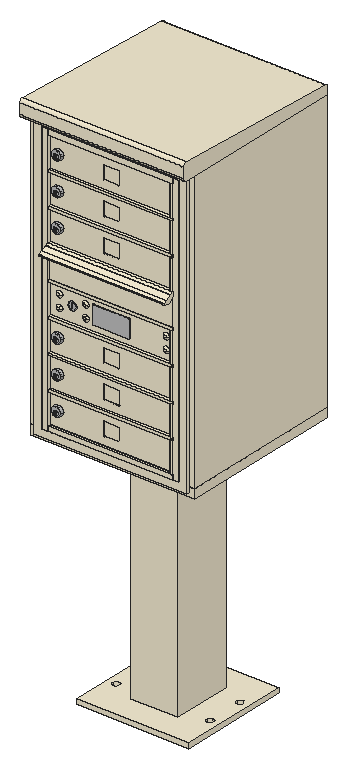
Revit family "Mailboxes_4C-Salsbury_Industries-Pedestal_Mounted-8_Door_High_Units", category Specialty Equipment, Revit 2016
Family settings
  Part Type = Normal
  Round Connector Dimension = Use Diameter
  OmniClass Number = 23.40.90.14.11
  OmniClass Title = Mail Boxes
  Work Plane-Based = No
  Always vertical = Yes
  Cut with Voids When Loaded = No
  Shared = No
  Room Calculation Point = No
Parameters (values of type "3408S-06")
  Width = 17.496"
  Visible Door Number [instance] = yes
  Version = "1.0 (06/30/17)"
  URL = "www.mailboxes.com"
  Type Comments = "Pedestal Mounted 4C Horizontal Mailboxes - Front Loading"
  OmniClass 23 Title = "Mail Boxes"
  OmniClass 23 Number = "23.40.90.14.11"
  Model = "3408S-06"
  MasterFormat Title = "Postal Specialties"
  MasterFormat Number = "10 55 00"
  Manufacturer = "Salsbury Industries"
  Lock Material = Stainless Steel - Salsbury Finish -  Polished
  Height = 58.625"
  Front Panel Material [instance] = Paint - Salsbury Finish - Sandstone
  Pedestal Height = 26.000"
  Door Slot R8 Number [instance] = "6"
  Door Slot R7 Number [instance] = "5"
  Door Slot R6 Number [instance] = "4"
  Door Slot R5 Number [instance] = "0"
  Door Slot R4 Number [instance] = "0"
  Door Slot R3 Number [instance] = "3"
  Door Slot R2 Number [instance] = "2"
  Door Slot R1 Number [instance] = "1"
  Door Slot L8 Number [instance] = "0"
  Door Slot L7 Number [instance] = "0"
  Door Slot L6 Number [instance] = "0"
  Door Slot L5 Number [instance] = "0"
  Door Slot L4 Number [instance] = "0"
  Door Slot L3 Number [instance] = "0"
  Door Slot L2 Number [instance] = "0"
  Door Slot L1 Number [instance] = "0"
  Description = "8 Door High Unit:  6 MB1, OM2"
  Depth = 19.000"
  Assembly Description = "Mailboxes"
  Assembly Code = "C1030910"
  4C Unit Height = 30.500"
  4C Unit Elevation = 26.375"
  4C Unit = Mailboxes_4C-Salsbury_Industries-Front_Load-8_Door_High_Units : 3708S-06 FL
Reference planes (in)
  plane 1 "Center (Front/Back)": y = 0
  plane 2 "Bottom of Unit": z = 0
  plane 3 "Center (Left/Right)": x = 0
  plane 4 "Left Side of Unit": x = 8.748
  plane 5 "Right Side of Unit": x = -8.748
  plane 6 "Front of Unit": y = -9.5
  plane 7 "Back of Unit": y = 9.5
  plane 8: z = 29.3125
  plane 9 "Top of Unit": z = 58.625
  plane 10 "Top Trim Line of Enclosure": z = 56.875
  plane 11 "Left Trim Line of Enclosure": x = 7.6855
  plane 12 "Right Trim Line of Enclosure": x = -7.685
  plane 13 "Top Back Line of Unit": z = 57.875
  plane 14 "Top of Pedestal, Bottom of Enclosure": z = 26
  plane 15 "Alignment of 4C Unit": y = -8.125
  plane 16: x = -8.667
  plane 17: x = 8.667
  plane 18: y = 9.419
  plane 19: y = -8.044
  plane 20: x = -8.667
  plane 21: x = 8.667
  plane 22: y = -8.044
  plane 23: y = 9.419
  plane 24: x = -8.667
  plane 25: x = 8.667
  plane 26: y = 9.419
  plane 27: y = -8.044
  plane 28 "Bottom Trim Line of 4C Unit": z = 26.375
  plane 29 "4C Unit Side Alignment": x = -8.17183
  plane 30 "Top Pedestal Base-Bottom Side": z = 25.5
  plane 31 "Bottom Line of Enclosure Opening": z = 27
  plane 32: z = 26.081
  plane 33 "Bottom Pedestal Base-Top Side": z = 0.5
  plane 34 "Pedestal Support - Left Side": x = -2.50001
  plane 35 "Pedestal Support - Right Side": x = 2.50001
  plane 36 "Back of Pedestal Base": y = 6.625
  plane 37 "Front of Pedestal Base": y = -5.375
  plane 38 "Pedestal Support - Back": y = 3.812
  plane 39 "Pedestal Support - Front": y = -2.563
  plane 40 "Left Side of Pedestal Base": x = -6
  plane 41 "Right Side of Pedestal Base": x = 6
  plane 42: y = 2.625
  plane 43: y = -1.375
  plane 44: x = -5
  plane 45: x = 5
Forms (in)
  Extrusion 1, solid, material "Paint - Salsbury Finish - Sandstone" <- "Front Panel Material"
    sketch origin (0, 0, 1.5) x (0, 1, 0) y (-1, 0, 0)
      loop
        line (-8.125, 7.685) -> (-8.044, 7.685) -> (-8.044, 8.667) -> (9.419, 8.667) -> (9.419, -8.667) -> (-8.044, -8.667) -> (-8.044, -7.6855) -> (-8.125, -7.6855) -> (-8.125, -8.748) -> (9.5, -8.748) -> (9.5, 8.748) -> (-8.125, 8.748) -> (-8.125, 7.685)
    from 25.5 to 55.375
  Extrusion 2, solid, material "Paint - Salsbury Finish - Sandstone" <- "Front Panel Material"
    sketch origin (0, 0, 26) x (0, 1, 0) y (-1, 0, 0)
      loop
        line (9.5, 8.748) -> (-8.125, 8.748) -> (-8.125, -8.748) -> (9.5, -8.748) -> (9.5, 8.748)
      loop
        line (9.419, 8.667) -> (-8.044, 8.667) -> (-8.044, -8.667) -> (9.419, -8.667) -> (9.419, 8.667)
    from 0 to 1
  Extrusion 3, solid, material "Paint - Salsbury Finish - Sandstone" <- "Front Panel Material"
    sketch origin (0, 0, 26) x (0, 1, 0) y (-1, 0, 0)
      loop
        line (9.419, 8.667) -> (-8.044, 8.667) -> (-8.044, -8.667) -> (9.419, -8.667) -> (9.419, 8.667)
    from 0 to 0.081
  Extrusion 4, solid, material "Paint - Salsbury Finish - Sandstone" <- "Front Panel Material"
    sketch origin (0, 0, 0) x (0, 1, 0) y (0, 0, 1)
      loop
        line (-9.18965, 56.875) -> (9.5, 56.875) -> (9.5, 57.76571)
        arc (9.5, 57.76571) -> (9.47754, 57.83373) -> (9.419, 57.875) r 0.11423
        line (9.419, 57.875) -> (-9.184, 58.625)
        arc (-9.184, 58.625) -> (-9.40731, 58.53386) -> (-9.5, 58.31119) r 0.31382
        line (-9.5, 58.31119) -> (-9.5, 57.18535)
        arc (-9.5, 57.18535) -> (-9.4091, 56.9659) -> (-9.18965, 56.875) r 0.31035
    from -8.748 to 8.748
  Extrusion 5, solid, material "Paint - Salsbury Finish - Sandstone" <- "Front Panel Material"
    sketch origin (0, 0, 0) x (1, 0, 0) y (0, 1, 0)
      loop
        line (-6, 6.625) -> (-6, -5.375) -> (6, -5.375) -> (6, 6.625) -> (-6, 6.625)
    from 0 to 0.5
  Extrusion 6, solid, material "Paint - Salsbury Finish - Sandstone" <- "Front Panel Material"
    sketch origin (0, 0, 25.5) x (0, -1, 0) y (1, 0, 0)
      loop
        line (-6.625, -6) -> (5.375, -6) -> (5.375, 6) -> (-6.625, 6) -> (-6.625, -6)
    from 0 to 0.5
  Extrusion 7, solid, material "Paint - Salsbury Finish - Sandstone" <- "Front Panel Material"
    sketch origin (0, 0, 0.5) x (0, -1, 0) y (1, 0, 0)
      loop
        line (-3.812, -2.50001) -> (2.563, -2.50001) -> (2.563, 2.50001) -> (-3.812, 2.50001) -> (-3.812, -2.50001)
    from 0 to 25
  Extrusion 8, void
    sketch origin (0, 0, 0) x (1, 0, 0) y (0, 1, 0)
      loop
        circle (-5, 2.625) r 0.375
      loop
        circle (-5, -1.375) r 0.375
      loop
        circle (5, 2.625) r 0.375
      loop
        circle (5, -1.375) r 0.375
    from 0 to 0.5
  Extrusion 9, void
    sketch origin (0, 0, 25.5) x (0, -1, 0) y (1, 0, 0)
      loop
        circle (-2.625, -5) r 0.375
      loop
        circle (1.375, -5) r 0.375
      loop
        circle (-2.625, 5) r 0.375
      loop
        circle (1.375, 5) r 0.375
    from 0 to 0.5
Cuts and joins
  Extrusion 8 cuts Extrusion 5
  Extrusion 9 cuts Extrusion 3
  Extrusion 9 cuts Extrusion 6
Lines and regions (in)
  symbolic lines
    curve 1: line (-8.748, 9.5, 0) -> (8.748, 9.5, 0)
    curve 2: line (-8.748, -8.125, 0) -> (-8.748, 9.5, 0)
    curve 3: line (8.748, -8.125, 0) -> (-8.748, -8.125, 0)
    curve 4: line (8.748, 9.5, 0) -> (8.748, -8.125, 0)
    curve 5: line (-8.748, 0, 58.625) -> (8.748, 0, 58.625)
    curve 6: line (-8.748, 0, 26) -> (-8.748, 0, 58.625)
    curve 7: line (8.748, 0, 26) -> (-8.748, 0, 26)
    curve 8: line (8.748, 0, 58.625) -> (8.748, 0, 26)
    curve 9: line (-8.748, 0, 56.875) -> (8.748, 0, 56.875)
    curve 10: line (-7.685, 0, 27) -> (-7.685, 0, 56.875)
    curve 11: line (7.6855, 0, 27) -> (7.6855, 0, 56.875)
    curve 12: line (0, -8.125, 56.87573) -> (0, 9.5, 56.87573)
    curve 13: line (0, -8.125, 26) -> (0, -8.125, 56.87573)
    curve 14: line (0, 6.625, 0) -> (0, -5.375, 0)
    curve 15: line (0, 9.5, 56.87573) -> (0, 9.5, 26)
    curve 16: line (0, -8.125, 27) -> (0, 9.5, 27)
    curve 17: line (0, 9.5, 57.76571) -> (0, 9.5, 56.87573)
    curve 18: line (0, 9.5, 56.87573) -> (0, -9.19074, 56.87573)
    curve 19: line (0, -9.5, 57.18499) -> (0, -9.5, 58.31031)
    curve 20: arc (0, -9.19074, 56.87573) -> (0, -9.40942, 56.96631) -> (0, -9.5, 57.18499) r 0.30926
    curve 21: arc (0, -9.5, 58.31031) -> (0, -9.40736, 58.53396) -> (0, -9.18371, 58.6266) r 0.31629
    curve 22: arc (0, 9.5, 57.76571) -> (0, 9.47754, 57.83373) -> (0, 9.419, 57.875) r 0.11423
    curve 23: line (0, 9.419, 57.875) -> (0, -9.18371, 58.6266)
    curve 24: line (-8.748, 0, 27) -> (8.748, 0, 27)
    curve 25: line (-6, 0, 26) -> (-6, 0, 25.5)
    curve 26: line (-6, 0, 25.5) -> (6, 0, 25.5)
    curve 27: line (6, 0, 25.5) -> (6, 0, 26)
    curve 28: line (-6, 0, 0.5) -> (6, 0, 0.5)
    curve 29: line (-6, 0, 0) -> (-6, 0, 0.5)
    curve 30: line (6, 0, 0) -> (-6, 0, 0)
    curve 31: line (6, 0, 0.5) -> (6, 0, 0)
    curve 32: line (-2.50001, 0, 0.5) -> (-2.50001, 0, 25.5)
    curve 33: line (2.50001, 0, 0.5) -> (2.50001, 0, 25.5)
    curve 34: line (0, -8.125, 26) -> (0, 9.5, 26)
    curve 35: line (0, -5.375, 26) -> (0, -5.375, 25.5)
    curve 36: line (0, -5.375, 25.5) -> (0, 6.625, 25.5)
    curve 37: line (0, 6.625, 25.5) -> (0, 6.625, 26)
    curve 38: line (0, 6.625, 0) -> (0, 6.625, 0.5)
    curve 39: line (0, 6.625, 0.5) -> (0, -5.375, 0.5)
    curve 40: line (0, -5.375, 0.5) -> (0, -5.375, 0)
    curve 41: line (0, -2.563, 0.5) -> (0, -2.563, 25.5)
    curve 42: line (0, 3.812, 0.5) -> (0, 3.812, 25.5)
Dimensions and locks (in)
  equal spacing: plane 6 "Front of Unit", plane 1 "Center (Front/Back)", plane 7 "Back of Unit"
  "Depth": plane 6 "Front of Unit" to plane 7 "Back of Unit"
  equal spacing: plane 5 "Right Side of Unit", plane 3 "Center (Left/Right)", plane 4 "Left Side of Unit"
  "Width": plane 5 "Right Side of Unit" to plane 4 "Left Side of Unit"
  equal spacing: plane 2 "Bottom of Unit", plane 8, plane 9 "Top of Unit"
  plane 2 "Bottom of Unit" to plane 9 "Top of Unit" = 58.625"
  "Pedestal Height": plane 2 "Bottom of Unit" to plane 14 "Top of Pedestal, Bottom of Enclosure"
  locked: plane 5 "Right Side of Unit" to plane 12 "Right Trim Line of Enclosure" at 1.063
  locked: plane 11 "Left Trim Line of Enclosure" to plane 4 "Left Side of Unit" at 1.0625
  plane 10 "Top Trim Line of Enclosure" to plane 13 "Top Back Line of Unit" to plane 9 "Top of Unit" = 1.000", 0.750"
  plane 6 "Front of Unit" to plane 15 "Alignment of 4C Unit" = 1.375"
  plane 10 "Top Trim Line of Enclosure" to plane 9 "Top of Unit" = 1.750"
  plane 5 "Right Side of Unit" to plane 16 = 0.081"
  plane 18 to plane 7 "Back of Unit" = 0.081"
  plane 17 to plane 4 "Left Side of Unit" = 0.081"
  plane 15 "Alignment of 4C Unit" to plane 19 = 0.081"
  plane 23 to plane 7 "Back of Unit" = 0.081"
  plane 5 "Right Side of Unit" to plane 20 = 0.081"
  plane 21 to plane 4 "Left Side of Unit" = 0.081"
  plane 15 "Alignment of 4C Unit" to plane 22 = 0.081"
  plane 15 "Alignment of 4C Unit" to plane 27 = 0.081"
  plane 25 to plane 4 "Left Side of Unit" = 0.081"
  plane 5 "Right Side of Unit" to plane 24 = 0.081"
  plane 26 to plane 7 "Back of Unit" = 0.081"
  plane 29 "4C Unit Side Alignment" to plane 12 "Right Trim Line of Enclosure" = 0.48683"
  "Height": plane 9 "Top of Unit" to plane 2 "Bottom of Unit"
  "4C Unit Height": plane 10 "Top Trim Line of Enclosure" to plane 28 "Bottom Trim Line of 4C Unit"
  plane 31 "Bottom Line of Enclosure Opening" to plane 14 "Top of Pedestal, Bottom of Enclosure" to plane 30 "Top Pedestal Base-Bottom Side" = 1.000", 0.500"
  locked: plane 32 to plane 14 "Top of Pedestal, Bottom of Enclosure" at 0.081
  plane 33 "Bottom Pedestal Base-Top Side" to plane 2 "Bottom of Unit" = 0.500"
  equal spacing: plane 34 "Pedestal Support - Left Side", plane 3 "Center (Left/Right)", plane 35 "Pedestal Support - Right Side"
  plane 34 "Pedestal Support - Left Side" to plane 35 "Pedestal Support - Right Side" = 5.00002"
  plane 37 "Front of Pedestal Base" to plane 1 "Center (Front/Back)" to plane 36 "Back of Pedestal Base" = 5.375", 6.625"
  plane 40 "Left Side of Pedestal Base" to plane 3 "Center (Left/Right)" to plane 41 "Right Side of Pedestal Base" = 6.000", 6.000"
  plane 39 "Pedestal Support - Front" to plane 1 "Center (Front/Back)" to plane 38 "Pedestal Support - Back" = 2.563", 3.812"
  plane 45 to plane 41 "Right Side of Pedestal Base" = 1.000"
  plane 40 "Left Side of Pedestal Base" to plane 44 = 1.000"
  plane 42 to plane 36 "Back of Pedestal Base" = 4.000"
  plane 37 "Front of Pedestal Base" to plane 43 = 4.000"
  aligned and locked: level to plane 2 "Bottom of Unit"
  aligned and locked: Extrusion 1 to plane 10 "Top Trim Line of Enclosure"
  aligned and locked: Extrusion 2 sketch curve to Extrusion 1  (x4)
  aligned and locked: Extrusion 3 sketch curve to Extrusion 1  (x3)
  aligned and locked: Extrusion 4 to plane 4 "Left Side of Unit"
  aligned and locked: plane 5 "Right Side of Unit" to Extrusion 4
  aligned and locked: plane 12 "Right Trim Line of Enclosure" to Extrusion 1 sketch curve
  aligned and locked: Extrusion 1 sketch curve to plane 19
  aligned and locked: Extrusion 1 sketch curve to plane 15 "Alignment of 4C Unit"  (x2)
  aligned and locked: Extrusion 1 sketch curve to plane 5 "Right Side of Unit"
  aligned and locked: plane 16 to Extrusion 1 sketch curve
  aligned and locked: Extrusion 1 sketch curve to plane 18
  aligned and locked: plane 7 "Back of Unit" to Extrusion 1 sketch curve
  aligned and locked: plane 4 "Left Side of Unit" to Extrusion 1 sketch curve
  aligned and locked: Extrusion 1 sketch curve to plane 17
  aligned and locked: plane 19 to Extrusion 1 sketch curve
  aligned and locked: plane 11 "Left Trim Line of Enclosure" to Extrusion 1 sketch curve
  aligned and locked: plane 6 "Front of Unit" to Extrusion 4 sketch curve  (x2)
  aligned and locked: plane 10 "Top Trim Line of Enclosure" to Extrusion 4 sketch curve
  aligned and locked: Extrusion 4 sketch curve to plane 7 "Back of Unit"
  aligned and locked: plane 7 "Back of Unit" to Extrusion 4 sketch curve
  aligned and locked: plane 13 "Top Back Line of Unit" to Extrusion 4 sketch curve
  aligned and locked: plane 9 "Top of Unit" to Extrusion 4 sketch curve
  aligned and locked: plane 21 to Extrusion 2 sketch curve
  aligned and locked: Extrusion 2 sketch curve to plane 20
  aligned and locked: plane 23 to Extrusion 2 sketch curve
  aligned and locked: curve 1 to Extrusion 1
  aligned and locked: curve 2 to Extrusion 1
  aligned and locked: curve 3 to Extrusion 2
  aligned and locked: curve 4 to Extrusion 1
  aligned and locked: curve 6 to Extrusion 4
  aligned and locked: curve 7 to Extrusion 2
  aligned and locked: plane 9 "Top of Unit" to curve 5
  aligned and locked: curve 9 to Extrusion 1
  aligned and locked: plane 5 "Right Side of Unit" to curve 9
  aligned and locked: plane 4 "Left Side of Unit" to curve 9
  aligned and locked: Extrusion 1 to curve 10
  aligned and locked: curve 11 to Extrusion 1
  aligned and locked: plane 10 "Top Trim Line of Enclosure" to curve 11
  aligned and locked: plane 7 "Back of Unit" to curve 15
  aligned and locked: plane 2 "Bottom of Unit" to curve 14
  aligned and locked: plane 10 "Top Trim Line of Enclosure" to Extrusion 4
  aligned and locked: plane 15 "Alignment of 4C Unit" to Extrusion 1
  aligned and locked: Extrusion 1 to curve 16
  aligned and locked: plane 7 "Back of Unit" to curve 16
  aligned and locked: plane 15 "Alignment of 4C Unit" to curve 16
  aligned and locked: curve 17 to Extrusion 4
  aligned and locked: curve 18 to curve 12
  aligned and locked: curve 19 to Extrusion 4
  aligned and locked: Extrusion 2 to plane 31 "Bottom Line of Enclosure Opening"
  aligned and locked: Extrusion 1 to Extrusion 2
  aligned and locked: plane 14 "Top of Pedestal, Bottom of Enclosure" to Extrusion 3
  aligned and locked: Extrusion 3 to plane 32
  aligned and locked: plane 36 "Back of Pedestal Base" to Extrusion 5 sketch curve
  aligned and locked: Extrusion 5 sketch curve to plane 40 "Left Side of Pedestal Base"
  aligned and locked: Extrusion 5 sketch curve to plane 37 "Front of Pedestal Base"
  aligned and locked: plane 41 "Right Side of Pedestal Base" to Extrusion 5 sketch curve
  aligned and locked: Extrusion 5 to plane 33 "Bottom Pedestal Base-Top Side"
  aligned and locked: Extrusion 6 sketch curve to plane 36 "Back of Pedestal Base"
  aligned and locked: plane 40 "Left Side of Pedestal Base" to Extrusion 6 sketch curve
  aligned and locked: plane 37 "Front of Pedestal Base" to Extrusion 6 sketch curve
  aligned and locked: Extrusion 6 sketch curve to plane 41 "Right Side of Pedestal Base"
  aligned and locked: Extrusion 6 to plane 14 "Top of Pedestal, Bottom of Enclosure"
  aligned and locked: plane 30 "Top Pedestal Base-Bottom Side" to Extrusion 6
  aligned and locked: Extrusion 5 to level
  aligned and locked: Extrusion 7 sketch curve to plane 38 "Pedestal Support - Back"
  aligned and locked: plane 34 "Pedestal Support - Left Side" to Extrusion 7 sketch curve
  aligned and locked: plane 39 "Pedestal Support - Front" to Extrusion 7 sketch curve
  aligned and locked: Extrusion 7 sketch curve to plane 35 "Pedestal Support - Right Side"
  aligned and locked: Extrusion 7 to plane 30 "Top Pedestal Base-Bottom Side"
  aligned and locked: plane 33 "Bottom Pedestal Base-Top Side" to Extrusion 7
  aligned and locked: Extrusion 8 to plane 33 "Bottom Pedestal Base-Top Side"
  aligned and locked: Extrusion 8 to level
  aligned and locked: Extrusion 9 to plane 14 "Top of Pedestal, Bottom of Enclosure"
  aligned and locked: plane 30 "Top Pedestal Base-Bottom Side" to Extrusion 9
  aligned and locked: plane 31 "Bottom Line of Enclosure Opening" to curve 24
  aligned and locked: plane 31 "Bottom Line of Enclosure Opening" to curve 11
  aligned and locked: curve 25 to cut or joined group of Extrusion 6, Extrusion 9
  aligned and locked: curve 26 to cut or joined group of Extrusion 6, Extrusion 9
  aligned and locked: curve 27 to cut or joined group of Extrusion 6, Extrusion 9
  aligned and locked: curve 28 to cut or joined group of Extrusion 5, Extrusion 8
  aligned and locked: curve 29 to cut or joined group of Extrusion 5, Extrusion 8
  aligned and locked: curve 30 to cut or joined group of Extrusion 5, Extrusion 8
  aligned and locked: curve 31 to cut or joined group of Extrusion 5, Extrusion 8
  aligned and locked: curve 13 to Extrusion 2
  aligned and locked: curve 34 to Extrusion 2
  aligned and locked: curve 35 to cut or joined group of Extrusion 6, Extrusion 9
  aligned and locked: curve 36 to cut or joined group of Extrusion 6, Extrusion 9
  aligned and locked: curve 37 to cut or joined group of Extrusion 6, Extrusion 9
  aligned and locked: curve 38 to cut or joined group of Extrusion 5, Extrusion 8
  aligned and locked: curve 39 to cut or joined group of Extrusion 5, Extrusion 8
  aligned and locked: curve 40 to cut or joined group of Extrusion 5, Extrusion 8
  aligned and locked: curve 33 to Extrusion 7
  aligned and locked: plane 29 "4C Unit Side Alignment" to nested 1
Automatic sketch dimensions
  Extrusion 4 sketch curve to plane 26 = 0.000"
  Extrusion 4 sketch curve to plane 6 "Front of Unit" = 0.31035"
  Extrusion 4 sketch curve to plane 6 "Front of Unit" = 0.31382"
  plane 26 to Extrusion 4 sketch curve = 0.03323"
  Extrusion 4 sketch curve to Extrusion 4 sketch curve = 0.00218"
  plane 22 to Extrusion 2 sketch curve = 0.000"
  plane 27 to Extrusion 3 sketch curve = 0.000"
  plane 43 to Extrusion 8 sketch curve = 0.000"  (x2)
  Extrusion 8 sketch curve to plane 44 = 0.000"  (x2)
  plane 42 to Extrusion 8 sketch curve = 0.000"  (x2)
  Extrusion 8 sketch curve to plane 45 = 0.000"  (x2)
  plane 42 to Extrusion 9 sketch curve = 0.000"  (x2)
  plane 43 to Extrusion 9 sketch curve = 0.000"  (x2)
  Extrusion 9 sketch curve to plane 44 = 0.000"  (x2)
  Extrusion 9 sketch curve to plane 45 = 0.000"  (x2)
  plane 13 "Top Back Line of Unit" to curve 23 = 0.000"
  curve 23 to plane 26 = 0.000"
  curve 20 to plane 6 "Front of Unit" = 0.30926"
  curve 21 to curve 21 = 0.31629"
  plane 26 to curve 22 = 0.03323"
  curve 13 to plane 10 "Top Trim Line of Enclosure" = 0.00073"
  plane 9 "Top of Unit" to curve 19 = 0.31469"
  curve 41 to plane 39 "Pedestal Support - Front" = 0.000"
  curve 42 to plane 38 "Pedestal Support - Back" = 0.000"
  plane 34 "Pedestal Support - Left Side" to curve 32 = 0.000"
  curve 25 to plane 14 "Top of Pedestal, Bottom of Enclosure" = 0.000"
  radius of Extrusion 8 sketch curve = 0.375"  (x4)
  radius of Extrusion 9 sketch curve = 0.375"  (x4)
Nested families (in)
  nested 1: "Mailboxes_4C-Salsbury_Industries-Front_Load-8_Door_High_Units" at (7.377, -8.125, -0.308) x (-1, 0, 0) z (0, 0, 1), built-in parameter 1001360 <- "4C Unit Elevation", type <- "4C Unit", Front Panel Material <- "Front Panel Material", Visible Door Number <- "Visible Door Number", Door Slot L1 Number <- "Door Slot L1 Number", Door Slot L2 Number <- "Door Slot L2 Number", Door Slot L3 Number <- "Door Slot L3 Number", Door Slot L4 Number <- "Door Slot L4 Number", Door Slot L5 Number <- "Door Slot L5 Number", Door Slot L6 Number <- "Door Slot L6 Number", Door Slot L7 Number <- "Door Slot L7 Number", Door Slot L8 Number <- "Door Slot L8 Number", Door Slot R1 Number <- "Door Slot R1 Number", Door Slot R2 Number <- "Door Slot R2 Number", Door Slot R3 Number <- "Door Slot R3 Number", Door Slot R4 Number <- "Door Slot R4 Number", Door Slot R5 Number <- "Door Slot R5 Number", Door Slot R6 Number <- "Door Slot R6 Number", Door Slot R7 Number <- "Door Slot R7 Number", Door Slot R8 Number <- "Door Slot R8 Number", type "3708S-06 FL"
    with Visible Door Number yes, Front Panel Material Paint - Salsbury Finish - Sandstone, Door Slot R8 Number "6", Door Slot R7 Number "5", Door Slot R6 Number "4", Door Slot R5 Number "0", Door Slot R4 Number "0", Door Slot R3 Number "3", Door Slot R2 Number "2", Door Slot R1 Number "1", Door Slot L8 Number "0", Door Slot L7 Number "0", Door Slot L6 Number "0", Door Slot L5 Number "0", Door Slot L4 Number "0", Door Slot L3 Number "0", Door Slot L2 Number "0", Door Slot L1 Number "0", built-in parameter 1001320 48.000"
Definition of nested family "Mailboxes_4C-Salsbury_Industries-Front_Load-8_Door_High_Units"
  Parameters (values of type "3708S-06 FL")
    Width = 16.344"
    URL = "www.mailboxes.com"
    OmniClass 23 Title = "Mail Boxes"
    OmniClass 23 Number = "23.40.90.14.11"
    Visible Door Number [instance] = yes
    Vertical Center Divider = no
    Version = "3.0 (06/30/17)"
    Type Comments = "4C Standard Horizontal Mailbox - Front Loading"
    Top Back Plate = yes
    Right Inside Wall = yes
    Model = "3708S-06 FL"
    MasterFormat Title = "Postal Specialties"
    MasterFormat Number = "10 55 00"
    Manufacturer = "Salsbury Industries"
    Mail Door Symbollic = yes
    Lock Material = none
    Left Inside Wall = yes
    Keynote = ""
    Height = 30.500"
    Front Panel Material [instance] = none
    Door Slot R8 Number [instance] = "6"
    Door Slot R8 = 3700 Series 4C Door Configurations : MB1 Door w/ Divider
    Door Slot R7 Number [instance] = "5"
    Door Slot R7 = 3700 Series 4C Door Configurations : MB1 Door w/ Divider
    Door Slot R6 Number [instance] = "4"
    Door Slot R6 = 3700 Series 4C Door Configurations : MB1 Door w/ Divider
    Door Slot R5 Number [instance] = "0"
    Door Slot R5 = 3700 Series 4C OM2 Configuration : OM2-FL
    Door Slot R4 Number [instance] = "0"
    Door Slot R4 = 3700 Series 4C Door Configurations : Empty
    Door Slot R3 Number [instance] = "3"
    Door Slot R3 = 3700 Series 4C Door Configurations : MB1 Door w/ Divider
    Door Slot R2 Number [instance] = "2"
    Door Slot R2 = 3700 Series 4C Door Configurations : MB1 Door w/ Divider
    Door Slot R1 Number [instance] = "1"
    Door Slot R1 = 3700 Series 4C Door Configurations : MB1 Door
    Door Slot L8 Number [instance] = "0"
    Door Slot L8 = 3700 Series 4C Door Configurations : Empty
    Door Slot L7 Number [instance] = "0"
    Door Slot L7 = 3700 Series 4C Door Configurations : Empty
    Door Slot L6 Number [instance] = "0"
    Door Slot L6 = 3700 Series 4C Door Configurations : Empty
    Door Slot L5 Number [instance] = "0"
    Door Slot L5 = 3700 Series 4C Door Configurations : Empty
    Door Slot L4 Number [instance] = "0"
    Door Slot L4 = 3700 Series 4C Door Configurations : Empty
    Door Slot L3 Number [instance] = "0"
    Door Slot L3 = 3700 Series 4C Door Configurations : Empty
    Door Slot L2 Number [instance] = "0"
    Door Slot L2 = 3700 Series 4C Door Configurations : Empty
    Door Slot L1 Number [instance] = "0"
    Door Slot L1 = 3700 Series 4C Door Configurations : Empty
    Description = "8 Door High Unit:  6 MB1, OM2"
    Depth = 17.025"
    Default Elevation [instance] = 48.000"
    Center Extrusion Offset = 0.000"
    Bottom Back Plate = yes
    Back Enclosure Material = none
    Assembly Description = "Mailboxes"
    Assembly Code = "C1030910"
  Types (11): name | Width | Vertical Center Divider | Type Comments | Top Back Plate | Right Inside Wall | Model | Mail Door Symbollic | Left Inside Wall | Door Slot R8 Number | Door Slot R8 | Door Slot R7 Number | Door Slot R7 | Door Slot R6 Number | Door Slot R6 | Door Slot R5 | Door Slot R4 Number | Door Slot R4 | Door Slot R3 Number | Door Slot R3 | Door Slot R2 Number | Door Slot R2 | Door Slot R1 Number | Door Slot R1 | Door Slot L8 Number | Door Slot L8 | Door Slot L7 Number | Door Slot L7 | Door Slot L6 Number | Door Slot L6 | Door Slot L5 Number | Door Slot L5 | Door Slot L4 Number | Door Slot L4 | Door Slot L3 Number | Door Slot L3 | Door Slot L2 Number | Door Slot L2 | Door Slot L1 Number | Door Slot L1 | Description | Center Extrusion Offset | Bottom Back Plate
    3708S-1B FL | 16.344" | no | "4C Horizontal Receptacle Bin - Front Loading" | no | no | "3708S-1B FL" | no | no | "0" | 4C-8 Door High Receptacle : 4C-8 Door High Receptacle | "0" | 3700 Series 4C Door Configurations : Empty | "0" | 3700 Series 4C Door Configurations : Empty | 3700 Series 4C Door Configurations : Empty | "0" | 3700 Series 4C Door Configurations : Empty | "0" | 3700 Series 4C Door Configurations : Empty | "0" | 3700 Series 4C Door Configurations : Empty | "0" | 3700 Series 4C Door Configurations : Empty | "0" | 3700 Series 4C Door Configurations : Empty | "0" | 3700 Series 4C Door Configurations : Empty | "0" | 3700 Series 4C Door Configurations : Empty | "0" | 3700 Series 4C Door Configurations : Empty | "0" | 3700 Series 4C Door Configurations : Empty | "0" | 3700 Series 4C Door Configurations : Empty | "0" | 3700 Series 4C Door Configurations : Empty | "0" | 3700 Series 4C Door Configurations : Empty | "8 Door High Unit" | 48.000" | no
    3708S-1C FL | 16.344" | no | "4C Horizontal Collection Box - Front Loading" | no | no | "3708S-1C FL" | no | no | "0" | 4C-8 Door High Collection Box : 4C-8 Door High Collection Box | "0" | 3700 Series 4C Door Configurations : Empty | "0" | 3700 Series 4C Door Configurations : Empty | 3700 Series 4C Door Configurations : Empty | "0" | 3700 Series 4C Door Configurations : Empty | "0" | 3700 Series 4C Door Configurations : Empty | "0" | 3700 Series 4C Door Configurations : Empty | "0" | 3700 Series 4C Door Configurations : Empty | "0" | 3700 Series 4C Door Configurations : Empty | "0" | 3700 Series 4C Door Configurations : Empty | "0" | 3700 Series 4C Door Configurations : Empty | "0" | 3700 Series 4C Door Configurations : Empty | "0" | 3700 Series 4C Door Configurations : Empty | "0" | 3700 Series 4C Door Configurations : Empty | "0" | 3700 Series 4C Door Configurations : Empty | "0" | 3700 Series 4C Door Configurations : Empty | "8 Door High Unit" | 48.000" | no
    3708D-14 FL | 31.09766" | yes | "4C Standard Horizontal Mailbox - Front Loading" | yes | yes | "3708D-14 FL" | yes | yes | "14" | 3700 Series 4C Door Configurations : MB1 Door w/ Divider | "13" | 3700 Series 4C Door Configurations : MB1 Door w/ Divider | "12" | 3700 Series 4C Door Configurations : MB1 Door w/ Divider | 3700 Series 4C OM2 Configuration : OM2-FL | "0" | 3700 Series 4C Door Configurations : Empty | "11" | 3700 Series 4C Door Configurations : MB1 Door w/ Divider | "10" | 3700 Series 4C Door Configurations : MB1 Door w/ Divider | "9" | 3700 Series 4C Door Configurations : MB1 Door | "8" | 3700 Series 4C Door Configurations : MB1 Door w/ Divider | "7" | 3700 Series 4C Door Configurations : MB1 Door w/ Divider | "6" | 3700 Series 4C Door Configurations : MB1 Door w/ Divider | "5" | 3700 Series 4C Door Configurations : MB1 Door w/ Divider | "4" | 3700 Series 4C Door Configurations : MB1 Door w/ Divider | "3" | 3700 Series 4C Door Configurations : MB1 Door w/ Divider | "2" | 3700 Series 4C Door Configurations : MB1 Door w/ Divider | "1" | 3700 Series 4C Door Configurations : MB1 Door | "8 Door High Unit:  14 MB1, OM2" | 0.000" | yes
    3708S-06 FL | 16.344" | no | "4C Standard Horizontal Mailbox - Front Loading" | yes | yes | "3708S-06 FL" | yes | yes | "6" | 3700 Series 4C Door Configurations : MB1 Door w/ Divider | "5" | 3700 Series 4C Door Configurations : MB1 Door w/ Divider | "4" | 3700 Series 4C Door Configurations : MB1 Door w/ Divider | 3700 Series 4C OM2 Configuration : OM2-FL | "0" | 3700 Series 4C Door Configurations : Empty | "3" | 3700 Series 4C Door Configurations : MB1 Door w/ Divider | "2" | 3700 Series 4C Door Configurations : MB1 Door w/ Divider | "1" | 3700 Series 4C Door Configurations : MB1 Door | "0" | 3700 Series 4C Door Configurations : Empty | "0" | 3700 Series 4C Door Configurations : Empty | "0" | 3700 Series 4C Door Configurations : Empty | "0" | 3700 Series 4C Door Configurations : Empty | "0" | 3700 Series 4C Door Configurations : Empty | "0" | 3700 Series 4C Door Configurations : Empty | "0" | 3700 Series 4C Door Configurations : Empty | "0" | 3700 Series 4C Door Configurations : Empty | "8 Door High Unit:  6 MB1, OM2" | 0.000" | yes
    3708D-13 FL | 31.09766" | yes | "4C Standard Horizontal Mailbox - Front Loading" | yes | yes | "3708D-13 FL" | yes | yes | "13" | 3700 Series 4C Door Configurations : MB1 Door w/ Divider | "12" | 3700 Series 4C Door Configurations : MB1 Door w/ Divider | "0" | 3700 Series 4C OM3 Configuration : OM3-FL | 3700 Series 4C Door Configurations : Empty | "0" | 3700 Series 4C Door Configurations : Empty | "11" | 3700 Series 4C Door Configurations : MB1 Door w/ Divider | "10" | 3700 Series 4C Door Configurations : MB1 Door w/ Divider | "9" | 3700 Series 4C Door Configurations : MB1 Door | "8" | 3700 Series 4C Door Configurations : MB1 Door w/ Divider | "7" | 3700 Series 4C Door Configurations : MB1 Door w/ Divider | "6" | 3700 Series 4C Door Configurations : MB1 Door w/ Divider | "5" | 3700 Series 4C Door Configurations : MB1 Door w/ Divider | "4" | 3700 Series 4C Door Configurations : MB1 Door w/ Divider | "3" | 3700 Series 4C Door Configurations : MB1 Door w/ Divider | "2" | 3700 Series 4C Door Configurations : MB1 Door w/ Divider | "1" | 3700 Series 4C Door Configurations : MB1 Door | "8 Door High Unit:  13 MB1, OM3" | 0.000" | yes
    3708D-09 FL | 31.09766" | yes | "4C Standard Horizontal Mailbox - Front Loading" | yes | yes | "3708D-09 FL" | yes | yes | "9" | 3700 Series 4C Door Configurations : MB1 Door w/ Divider | "8" | 3700 Series 4C Door Configurations : MB1 Door w/ Divider | "7" | 3700 Series 4C Door Configurations : MB1 Door w/ Divider | 3700 Series 4C OM2 Configuration : OM2-FL | "0" | 3700 Series 4C Door Configurations : Empty | "6" | 3700 Series 4C Door Configurations : MB1 Door w/ Divider | "5" | 3700 Series 4C Door Configurations : MB1 Door w/ Divider | "4" | 3700 Series 4C Door Configurations : MB1 Door | "1P" | 3700 Series 4C Parcel Configurations : PL5 w/ Divider | "0" | 3700 Series 4C Door Configurations : Empty | "0" | 3700 Series 4C Door Configurations : Empty | "0" | 3700 Series 4C Door Configurations : Empty | "0" | 3700 Series 4C Door Configurations : Empty | "3" | 3700 Series 4C Door Configurations : MB1 Door w/ Divider | "2" | 3700 Series 4C Door Configurations : MB1 Door w/ Divider | "1" | 3700 Series 4C Door Configurations : MB1 Door | "8 Door High Unit:  9 MB1, 1 PL5, OM2" | 0.000" | yes
    3708D-07 FL | 31.09766" | yes | "4C Standard Horizontal Mailbox - Front Loading" | yes | yes | "3708D-07 FL" | yes | yes | "7" | 3700 Series 4C Door Configurations : MB2 Door w/ Divider | "0" | 3700 Series 4C Door Configurations : Empty | "6" | 3700 Series 4C Door Configurations : MB2 Door w/ Divider | 3700 Series 4C Door Configurations : Empty | "0" | 3700 Series 4C OM2 Configuration : OM2-FL | "0" | 3700 Series 4C Door Configurations : Empty | "5" | 3700 Series 4C Door Configurations : MB2 Door | "0" | 3700 Series 4C Door Configurations : Empty | "4" | 3700 Series 4C Door Configurations : MB2 Door w/ Divider | "0" | 3700 Series 4C Door Configurations : Empty | "3" | 3700 Series 4C Door Configurations : MB2 Door w/ Divider | "0" | 3700 Series 4C Door Configurations : Empty | "2" | 3700 Series 4C Door Configurations : MB2 Door w/ Divider | "0" | 3700 Series 4C Door Configurations : Empty | "1" | 3700 Series 4C Door Configurations : MB2 Door | "0" | 3700 Series 4C Door Configurations : Empty | "8 Door High Unit:  7 MB2, OM2" | 0.000" | yes
    3708D-04 FL | 31.09766" | yes | "4C Standard Horizontal Mailbox - Front Loading" | yes | yes | "3708D-04 FL" | yes | yes | "4" | 3700 Series 4C Door Configurations : MB2 Door w/ Divider | "0" | 3700 Series 4C Door Configurations : Empty | "3" | 3700 Series 4C Door Configurations : MB2 Door w/ Divider | 3700 Series 4C Door Configurations : Empty | "0" | 3700 Series 4C OM2 Configuration : OM2-FL | "0" | 3700 Series 4C Door Configurations : Empty | "2" | 3700 Series 4C Door Configurations : MB2 Door | "0" | 3700 Series 4C Door Configurations : Empty | "1P" | 3700 Series 4C Parcel Configurations : PL6 w/ Divider | "0" | 3700 Series 4C Door Configurations : Empty | "0" | 3700 Series 4C Door Configurations : Empty | "0" | 3700 Series 4C Door Configurations : Empty | "0" | 3700 Series 4C Door Configurations : Empty | "0" | 3700 Series 4C Door Configurations : Empty | "1" | 3700 Series 4C Door Configurations : MB2 Door | "0" | 3700 Series 4C Door Configurations : Empty | "8 Door High Unit:  4 MB2, 1 PL6, OM2" | 0.000" | yes
    3708S-03 FL | 16.344" | no | "4C Standard Horizontal Mailbox - Front Loading" | yes | yes | "3708S-03 FL" | yes | yes | "3" | 3700 Series 4C Door Configurations : MB2 Door w/ Divider | "0" | 3700 Series 4C Door Configurations : Empty | "2" | 3700 Series 4C Door Configurations : MB2 Door w/ Divider | 3700 Series 4C Door Configurations : Empty | "0" | 3700 Series 4C OM2 Configuration : OM2-FL | "0" | 3700 Series 4C Door Configurations : Empty | "1" | 3700 Series 4C Door Configurations : MB2 Door | "0" | 3700 Series 4C Door Configurations : Empty | "0" | 3700 Series 4C Door Configurations : Empty | "0" | 3700 Series 4C Door Configurations : Empty | "0" | 3700 Series 4C Door Configurations : Empty | "0" | 3700 Series 4C Door Configurations : Empty | "0" | 3700 Series 4C Door Configurations : Empty | "0" | 3700 Series 4C Door Configurations : Empty | "0" | 3700 Series 4C Door Configurations : Empty | "0" | 3700 Series 4C Door Configurations : Empty | "8 Door High Unit:  3 MB2, OM2" | 0.000" | yes
    3708S-01 FL | 16.344" | no | "4C Standard Horizontal Mailbox - Front Loading" | yes | yes | "3708S-01 FL" | yes | yes | "1P" | 3700 Series 4C Parcel Configurations : PL5 w/ Divider | "0" | 3700 Series 4C Door Configurations : Empty | "0" | 3700 Series 4C Door Configurations : Empty | 3700 Series 4C Door Configurations : Empty | "0" | 3700 Series 4C Door Configurations : Empty | "0" | 3700 Series 4C OM2 Configuration : OM2-FL | "0" | 3700 Series 4C Door Configurations : Empty | "1" | 3700 Series 4C Door Configurations : MB1 Door | "0" | 3700 Series 4C Door Configurations : Empty | "0" | 3700 Series 4C Door Configurations : Empty | "0" | 3700 Series 4C Door Configurations : Empty | "0" | 3700 Series 4C Door Configurations : Empty | "0" | 3700 Series 4C Door Configurations : Empty | "0" | 3700 Series 4C Door Configurations : Empty | "0" | 3700 Series 4C Door Configurations : Empty | "0" | 3700 Series 4C Door Configurations : Empty | "8 Door High Unit:  1 MB1, 1 PL5, OM2" | 0.000" | yes
    3708S-2P FL | 16.344" | no | "4C Standard Horizontal Mailbox - Front Loading" | yes | yes | "3708S-2P FL" | no | yes | "2P" | 3700 Series 4C Parcel Configurations : PL4 w/ Divider | "0" | 3700 Series 4C Door Configurations : Empty | "0" | 3700 Series 4C Door Configurations : Empty | 3700 Series 4C Door Configurations : Empty | "1P" | 3700 Series 4C Parcel Configurations : PL4 | "0" | 3700 Series 4C Door Configurations : Empty | "0" | 3700 Series 4C Door Configurations : Empty | "0" | 3700 Series 4C Door Configurations : Empty | "0" | 3700 Series 4C Door Configurations : Empty | "0" | 3700 Series 4C Door Configurations : Empty | "0" | 3700 Series 4C Door Configurations : Empty | "0" | 3700 Series 4C Door Configurations : Empty | "0" | 3700 Series 4C Door Configurations : Empty | "0" | 3700 Series 4C Door Configurations : Empty | "0" | 3700 Series 4C Door Configurations : Empty | "0" | 3700 Series 4C Door Configurations : Empty | "8 Door High Unit:  2 PL4" | 0.000" | yes
  Reference planes (in)
    plane 1 "Wall Centerline": y = -3
    plane 2 "Center (Left/Right)": x = 0
    plane 3 "Front": y = 0
    plane 4 "15" AFF": z = 28
    plane 5 "28" AFF": z = 28
    plane 6 "36" AFF": z = 36
    plane 7 "48" AFF": z = 48
    plane 8 "Bottom of Unit": z = 26.683
    plane 9 "Top of Unit": z = 57.183
    plane 10 "Left Side of Unit": x = 15.54883
    plane 11 "Right Side of Unit": x = -0.79517
    plane 12 "28" AFF_Bottom of Unit": z = 26.683
    plane 13 "Top Horiz Trim Align": z = 56.35225
    plane 14 "Bottom Horiz Trim Align": z = 27.515
    plane 15 "Left Trim Align": x = 14.716
    plane 16 "Right Trim Align": x = 0.03766
    plane 17 "Left Door Align": x = 14.06641
    plane 18 "Right Door Align": x = 0.68725
    plane 19 "Top Horiz Door Align": z = 55.76125
    plane 20 "Bottom Horiz Door Align": z = 28
    plane 21 "Front Face of Unit": y = 0.265
    plane 22 "Top Housing Align": z = 56.679
    plane 23 "Top Collar Align": z = 56.531
    plane 24 "Top Box Align": z = 56.176
    plane 25 "Vertical Housing Align": y = -1.205
    plane 26 "Vertical Collar Align": y = -2.205
    plane 27 "Back of Unit": y = -16.76
    plane 28 "Bottom Housing Align": z = 27.187
    plane 29 "Bottom Collar Align": z = 27.335
    plane 30 "Bottom Box Align": z = 27.75
    plane 31 "Door Alignment": y = -0.33191
    plane 32 "Right Housing Align": x = -0.08817
    plane 33 "Right Collar Align": x = 1.34483
    plane 34 "Right Box Side Align": x = 1.67283
    plane 35 "Left Housing Align": x = 14.84183
    plane 36 "Left Collar Align": x = 13.40883
    plane 37 "Left Side Box Align": x = 13.08083
    plane 38 "Top Back Plate Align": z = 55.397
    plane 39 "Bottom Back Plate Align": z = 28.499
    plane 40 "Back": y = -6
    plane 41 "RO Left Side": x = 15.17383
    plane 42 "RO Right Side": x = -0.42017
    plane 43 "RO Bottom": z = 27.058
    plane 44 "RO Top": z = 56.808
    plane 45 "Horiz Centerline": z = 42.04237
    plane 46: z = 27.885
    plane 47: x = 12.99983
    plane 48: x = 12.92758
    plane 49 "Center Extrusion": x = 0
    plane 50 "Center Extrusion Offset": x = 0
    plane 51 "Row 8 Top Align": z = 31.5
    plane 52 "Row 7 Top Align": z = 35
    plane 53 "Row 6 Top Align": z = 38.5
    plane 54 "Row 5 Top Align": z = 42
    plane 55 "Row 4 Top Align": z = 45.5
    plane 56 "Row 3 Top Align": z = 49
    plane 57 "Row 2 Top Align": z = 52.5
    plane 58 "Row 16 Top Align-Private": z = 31.5
    plane 59 "Row 15 Top Align-Private": z = 35
    plane 60 "Row 14 Top Align-Private": z = 38.5
    plane 61 "Row 13 Top Align-Private": z = 42
    plane 62 "Row 12 Top Align-Private": z = 45.5
    plane 63 "Row 11 Top Align-Private": z = 49
    plane 64 "Row 10 Top Align-Private": z = 52.25
    plane 65 "Row 9 Top Align-Private": z = 55.75
    plane 66 "Row 8 Top Align-Private": z = 59.25
    plane 67 "Top of Face Gap": z = 61.25
    plane 68 "Top Latch Align": z = 47.876
    plane 69 "Bottom Latch Align": z = 36.05
    plane 70 "Right Latch Align": x = -0.69183
    plane 71 "Left Latch Align": x = 0.69098
    plane 72 "Latch Alignment Edge": x = -0.79517
    plane 73: x = -12.92783
    plane 74: x = -12.99983
    plane 75: y = -16.84203
    plane 76: x = -2
    plane 77: x = -0.7705
    plane 78: x = 0.7705
    plane 79: x = 2
    plane 80: y = -16.67797
    plane 81: x = -0.69098
    plane 82: x = 0.69183
    plane 83: z = 53.897
    plane 84: z = 29.999
    plane 85: z = 55.81729
    plane 86: z = 28.41625
    plane 87: z = 27.446
    plane 88: z = 28.055
    plane 89: y = -6
    plane 90: x = 14.06267
  Forms (in)
    Extrusion 1, solid, material <- "Front Panel Material"
      sketch origin (0, 0, 0) x (1, 0, 0) y (0, 0, 1)
        loop
          line (15.54883, 57.183) -> (-0.79517, 57.183) -> (-0.79517, 26.683) -> (15.54883, 26.683) -> (15.54883, 57.183)
      from -0.265 to 0
    Extrusion 2, void
      sketch origin (0, 0.265, 0.00774) x (0, 0, -1) y (-1, 0, 0)
        loop
          line (-56.34451, -14.716) -> (-27.50726, -14.716) -> (-27.50726, -0.03766) -> (-56.34451, -0.03766) -> (-56.34451, -14.716)
      from -0.265 to 0
    Extrusion 3, solid, material <- "Front Panel Material"
      sketch origin (14.98214, 0.265, -1.67978) x (0, 0, -1) y (-1, 0, 0)
        loop
          line (-58.03203, 14.94448) -> (-58.03203, 14.29489) -> (-29.19478, 14.29489) -> (-29.19478, 14.94448) -> (-58.03203, 14.94448)
      from 0 to -0.265
    Extrusion 4, solid, material <- "Front Panel Material"
      sketch origin (0, 0.265, 0) x (0, 0, -1) y (-1, 0, 0)
        loop
          line (-27.515, -14.06641) -> (-27.515, -0.68725) -> (-28, -0.68725) -> (-28, -14.06641) -> (-27.515, -14.06641)
      from -0.265 to 0
    Extrusion 5, solid, material <- "Front Panel Material"
      sketch origin (0, 0.265, 0) x (0, 0, -1) y (-1, 0, 0)
        loop
          line (-56.35225, -14.716) -> (-27.515, -14.716) -> (-27.515, -14.06641) -> (-56.35225, -14.06641) -> (-56.35225, -14.716)
      from 0 to -0.265
    Extrusion 6, solid, material <- "Front Panel Material"
      sketch origin (0, 0.265, 0) x (0, 0, -1) y (-1, 0, 0)
        loop
          line (-56.35225, -14.06641) -> (-55.76125, -14.06641) -> (-55.76125, -0.68725) -> (-56.35225, -0.68725) -> (-56.35225, -14.06641)
      from -0.265 to 0
    Extrusion 7, solid, material <- "Front Panel Material", visible <- "Vertical Center Divider"
      sketch origin (-0.77934, 0.265, 0) x (0, 0, 1) y (1, 0, 0)
        loop
          line (56.35225, 1.47033) -> (27.515, 1.47033) -> (27.515, 0.08752) -> (56.35225, 0.08752) -> (56.35225, 1.47033)
      from 0 to -1.47
    Extrusion 8, solid
      sketch origin (0, -6, 60) x (0, 0, 1) y (1, 0, 0)
        loop
          line (-60, -60) -> (60, -60) -> (60, 60) -> (-60, 60) -> (-60, -60)
      from 0 to 6
  Cuts and joins
    Extrusion 2 cuts Extrusion 1
  Lines and regions (in)
    model lines
      curve 1: line (15.54883, 0.265, 57.183) -> (14.716, 0.265, 56.35225)
      curve 2: line (-0.79517, 0.265, 57.183) -> (0.03766, 0.265, 56.35225)
      curve 3: line (-0.79517, 0.265, 26.683) -> (0.03766, 0.265, 27.515)
      curve 4: line (15.54883, 0.265, 26.683) -> (14.716, 0.265, 27.515)
    reference lines
      curve 5: line (0.68725, -0.33191, 26.683) -> (0.68725, -0.33191, 57.183)
      curve 6: line (14.06641, -0.33191, 26.683) -> (14.06641, -0.33191, 57.183)
    symbolic lines
      curve 7: line (-0.79517, 0.265, 28) -> (15.54883, 0.265, 28)
      curve 8: line (-0.79517, 0, 28) -> (-0.79517, 0.265, 28)
      curve 9: line (15.54883, 0, 28) -> (-0.79517, 0, 28)
      curve 10: line (15.54883, 0.265, 28) -> (15.54883, 0, 28)
    symbolic lines, visible <- "Mail Door Symbollic"
      curve 11: line (0.68725, 0.265, 28) -> (0.68725, 1.43, 28)
      curve 12: line (0.68725, 1.43, 28) -> (14.06267, 1.43, 28)
      curve 13: line (14.06267, 1.43, 28) -> (14.06267, 0.265, 28)
  Text (in)
    text "Placement Side" at (0, 40.15149, 123.01588), in view "Right"
    text "Placement Side" at (-58.6842, 42.74981, 0), in view "Ref. Level"
    text "Placement Side" at (0, 47.49176, 140.59947), in view "Left"
  Dimensions and locks (in)
    locked: plane 3 "Front" to Extrusion 8
    level to plane 4 "15" AFF" = 28.000"
    locked: level to plane 5 "28" AFF" at 28
    locked: level to plane 6 "36" AFF" at 36
    locked: level to plane 7 "48" AFF" at 48
    plane 8 "Bottom of Unit" to plane 4 "15" AFF" = 1.317"
    "Height": plane 8 "Bottom of Unit" to plane 9 "Top of Unit"
    plane 12 "28" AFF_Bottom of Unit" to plane 5 "28" AFF" = 1.317"
    locked: plane 15 "Left Trim Align" to plane 10 "Left Side of Unit" at 0.83283
    locked: plane 16 "Right Trim Align" to plane 11 "Right Side of Unit" at 0.83283
    locked: plane 13 "Top Horiz Trim Align" to plane 9 "Top of Unit" at 0.83075
    locked: plane 8 "Bottom of Unit" to plane 14 "Bottom Horiz Trim Align" at 0.832
    plane 17 "Left Door Align" to plane 15 "Left Trim Align" = 0.64959"
    locked: plane 18 "Right Door Align" to plane 16 "Right Trim Align" at 0.64959
    locked: plane 19 "Top Horiz Door Align" to plane 13 "Top Horiz Trim Align" at 0.591
    locked: plane 14 "Bottom Horiz Trim Align" to plane 20 "Bottom Horiz Door Align" at 0.485
    plane 20 "Bottom Horiz Door Align" to level = 28.000"
    plane 5 "28" AFF" to level = 28.000"
    plane 6 "36" AFF" to level = 36.000"
    plane 7 "48" AFF" to level = 48.000"
    plane 9 "Top of Unit" to plane 8 "Bottom of Unit" = 30.500"
    plane 21 "Front Face of Unit" to Extrusion 8 = 0.265"
    locked: Extrusion 8 to plane 25 "Vertical Housing Align" at 1.205
    locked: plane 25 "Vertical Housing Align" to plane 26 "Vertical Collar Align" at 1
    plane 25 "Vertical Housing Align" to plane 27 "Back of Unit" = 15.555"
    "Depth": plane 21 "Front Face of Unit" to plane 27 "Back of Unit"
    locked: plane 9 "Top of Unit" to plane 22 "Top Housing Align" at 0.504
    locked: plane 22 "Top Housing Align" to plane 23 "Top Collar Align" at 0.148
    locked: plane 23 "Top Collar Align" to plane 24 "Top Box Align" at 0.355
    locked: plane 28 "Bottom Housing Align" to plane 8 "Bottom of Unit" at 0.504
    locked: plane 29 "Bottom Collar Align" to plane 28 "Bottom Housing Align" at 0.148
    locked: plane 30 "Bottom Box Align" to plane 29 "Bottom Collar Align" at 0.415
    plane 24 "Top Box Align" to plane 30 "Bottom Box Align" = 28.426"  (x2)
    locked: plane 21 "Front Face of Unit" to plane 31 "Door Alignment" at 0.59691
    plane 11 "Right Side of Unit" to plane 32 "Right Housing Align" to plane 33 "Right Collar Align" to plane 34 "Right Box Side Align" = 0.707" locked, 1.433" locked, 0.328" locked
    plane 37 "Left Side Box Align" to plane 36 "Left Collar Align" to plane 35 "Left Housing Align" to plane 10 "Left Side of Unit" = 0.328" locked, 1.433" locked, 0.707" locked
    plane 11 "Right Side of Unit" to plane 32 "Right Housing Align" to plane 33 "Right Collar Align" to plane 34 "Right Box Side Align" = 0.707", 1.433", 0.328"
    plane 37 "Left Side Box Align" to plane 36 "Left Collar Align" to plane 35 "Left Housing Align" to plane 10 "Left Side of Unit" = 0.328", 1.433", 0.707"
    plane 9 "Top of Unit" to plane 24 "Top Box Align" = 1.007"
    plane 30 "Bottom Box Align" to plane 8 "Bottom of Unit" = 1.067"
    locked: plane 24 "Top Box Align" to plane 38 "Top Back Plate Align" at 0.779
    locked: plane 39 "Bottom Back Plate Align" to plane 30 "Bottom Box Align" at 0.749
    locked: plane 41 "RO Left Side" to plane 10 "Left Side of Unit" at 0.375
    locked: plane 42 "RO Right Side" to plane 11 "Right Side of Unit" at 0.375
    locked: plane 8 "Bottom of Unit" to plane 43 "RO Bottom" at 0.375
    locked: plane 44 "RO Top" to plane 9 "Top of Unit" at 0.375
    plane 46 to plane 30 "Bottom Box Align" = 0.135"
    plane 47 to plane 37 "Left Side Box Align" = 0.081"
    plane 48 to plane 47 = 0.07225"
    plane 18 "Right Door Align" to plane 17 "Left Door Align" = 13.37916"
    "Center Extrusion Offset": plane 49 "Center Extrusion" to plane 50 "Center Extrusion Offset"
    plane 20 "Bottom Horiz Door Align" to plane 51 "Row 8 Top Align" to plane 52 "Row 7 Top Align" to plane 53 "Row 6 Top Align" to plane 54 "Row 5 Top Align" to plane 55 "Row 4 Top Align" to plane 56 "Row 3 Top Align" to plane 57 "Row 2 Top Align" = 3.500", 3.500" locked, 3.500" locked, 3.500" locked, 3.500" locked, 3.500" locked, 3.500" locked
    plane 4 "15" AFF" to plane 58 "Row 16 Top Align-Private" = 3.500"
    plane 58 "Row 16 Top Align-Private" to plane 59 "Row 15 Top Align-Private" to plane 60 "Row 14 Top Align-Private" to plane 61 "Row 13 Top Align-Private" to plane 62 "Row 12 Top Align-Private" to plane 63 "Row 11 Top Align-Private" to plane 64 "Row 10 Top Align-Private" to plane 65 "Row 9 Top Align-Private" to plane 66 "Row 8 Top Align-Private" = 3.500" locked, 3.500" locked, 3.500" locked, 3.500" locked, 3.500" locked, 3.250" locked, 3.500" locked, 3.500" locked
    locked: plane 66 "Row 8 Top Align-Private" to plane 67 "Top of Face Gap" at 2
    level to plane 8 "Bottom of Unit" = 26.683"
    locked: plane 70 "Right Latch Align" to plane 71 "Left Latch Align" at 1.38281
    plane 24 "Top Box Align" to plane 68 "Top Latch Align" = 8.300"
    plane 69 "Bottom Latch Align" to plane 30 "Bottom Box Align" = 8.300"
    plane 72 "Latch Alignment Edge" to plane 70 "Right Latch Align" = 0.10334"
    plane 74 to plane 73 to plane 34 "Right Box Side Align" = 0.072", 14.60066"
    plane 75 to plane 27 "Back of Unit" = 0.08203"
    plane 27 "Back of Unit" to plane 80 = 0.08203"
    plane 76 to plane 77 to plane 70 "Right Latch Align" to plane 50 "Center Extrusion Offset" = 1.2295", 0.07867", 0.69183"
    plane 50 "Center Extrusion Offset" to plane 71 "Left Latch Align" to plane 78 to plane 79 = 0.69098", 0.07952", 1.2295"
    plane 81 to plane 49 "Center Extrusion" to plane 82 = 0.69098" locked, 0.69183" locked
    plane 11 "Right Side of Unit" to Extrusion 1 = 16.344"
    plane 38 "Top Back Plate Align" to plane 83 = 1.500"
    plane 84 to plane 39 "Bottom Back Plate Align" = 1.500"
    locked: plane 85 to plane 24 "Top Box Align" at 0.35871
    plane 14 "Bottom Horiz Trim Align" to plane 86 = 0.90125"
    plane 87 to plane 30 "Bottom Box Align" to plane 88 = 0.304" locked, 0.305" locked
    plane 11 "Right Side of Unit" to plane 2 "Center (Left/Right)" to plane 10 "Left Side of Unit" = 0.79517", 15.54883"
    "Width": plane 11 "Right Side of Unit" to plane 10 "Left Side of Unit"
    locked: plane 18 "Right Door Align" to plane 90 at 13.37542
    aligned and locked: plane 8 "Bottom of Unit" to Extrusion 1 sketch curve
    aligned and locked: plane 10 "Left Side of Unit" to Extrusion 1 sketch curve
    aligned and locked: Extrusion 1 sketch curve to plane 11 "Right Side of Unit"
    aligned and locked: Extrusion 1 sketch curve to plane 9 "Top of Unit"
    aligned and locked: plane 21 "Front Face of Unit" to Extrusion 1
    aligned and locked: Extrusion 3 to plane 16 "Right Trim Align"
    aligned and locked: plane 18 "Right Door Align" to Extrusion 3
    aligned and locked: plane 13 "Top Horiz Trim Align" to Extrusion 3
    aligned and locked: Extrusion 4 to plane 14 "Bottom Horiz Trim Align"
    aligned and locked: Extrusion 4 to plane 17 "Left Door Align"
    aligned and locked: plane 20 "Bottom Horiz Door Align" to Extrusion 4
    aligned and locked: Extrusion 4 to plane 18 "Right Door Align"
    aligned and locked: plane 25 "Vertical Housing Align" to Extrusion 7
    aligned and locked: plane 21 "Front Face of Unit" to Extrusion 7
    aligned and locked: nested 1 to plane 57 "Row 2 Top Align"
    aligned and locked: nested 2 to plane 56 "Row 3 Top Align"
    aligned and locked: nested 9 to plane 17 "Left Door Align"
    aligned and locked: nested 9 to plane 57 "Row 2 Top Align"
    aligned and locked: plane 31 "Door Alignment" to nested 9  (x2)
    aligned and locked: nested 10 to plane 17 "Left Door Align"
    aligned and locked: nested 10 to plane 56 "Row 3 Top Align"
    aligned and locked: plane 31 "Door Alignment" to nested 10  (x2)
    aligned and locked: nested 15 to plane 17 "Left Door Align"
    aligned and locked: nested 15 to plane 51 "Row 8 Top Align"
    aligned and locked: plane 31 "Door Alignment" to nested 15
    aligned and locked: nested 8 to curve 5
    aligned and locked: nested 7 to curve 5
    aligned and locked: nested 6 to curve 5
    aligned and locked: nested 5 to curve 5
    aligned and locked: nested 3 to curve 5
    aligned and locked: nested 16 to curve 6
    aligned and locked: nested 15 to curve 6
    aligned and locked: nested 14 to curve 6
    aligned and locked: nested 13 to curve 6
    aligned and locked: nested 12 to curve 6
    aligned and locked: nested 11 to curve 6
    aligned and locked: nested 10 to curve 6
    aligned and locked: nested 9 to curve 6
    aligned and locked: plane 31 "Door Alignment" to nested 6
    aligned and locked: plane 31 "Door Alignment" to nested 16
    aligned and locked: plane 31 "Door Alignment" to nested 8
    aligned and locked: plane 31 "Door Alignment" to nested 14
    aligned and locked: plane 31 "Door Alignment" to nested 5
    aligned and locked: plane 31 "Door Alignment" to nested 3
    aligned and locked: plane 31 "Door Alignment" to nested 11
    aligned and locked: plane 31 "Door Alignment" to nested 13
    aligned and locked: plane 31 "Door Alignment" to nested 2
    aligned and locked: plane 31 "Door Alignment" to nested 4
    aligned and locked: nested 1 to curve 5
    aligned and locked: nested 2 to curve 5
    aligned and locked: nested 4 to curve 5
    aligned and locked: plane 31 "Door Alignment" to nested 1
    aligned and locked: plane 31 "Door Alignment" to nested 7
    aligned and locked: plane 11 "Right Side of Unit" to plane 72 "Latch Alignment Edge"
    aligned and locked: nested 1 to curve 11
    aligned and locked: plane 21 "Front Face of Unit" to cut or joined group of Extrusion 1, Extrusion 2
    aligned and locked: plane 3 "Front" to cut or joined group of Extrusion 1, Extrusion 2
    aligned and locked: plane 13 "Top Horiz Trim Align" to Extrusion 7
    aligned and locked: Extrusion 7 to plane 14 "Bottom Horiz Trim Align"
    aligned and locked: plane 70 "Right Latch Align" to Extrusion 7
    aligned and locked: Extrusion 7 to plane 71 "Left Latch Align"
    aligned and locked: plane 9 "Top of Unit" to curve 5
    aligned and locked: plane 8 "Bottom of Unit" to curve 5
    aligned and locked: plane 8 "Bottom of Unit" to curve 6
    aligned and locked: curve 6 to plane 17 "Left Door Align"
    aligned and locked: plane 10 "Left Side of Unit" to curve 1
    aligned and locked: plane 9 "Top of Unit" to curve 1
    aligned and locked: plane 15 "Left Trim Align" to curve 1
    aligned and locked: plane 13 "Top Horiz Trim Align" to curve 1
    aligned and locked: plane 11 "Right Side of Unit" to curve 2
    aligned and locked: plane 9 "Top of Unit" to curve 2
    aligned and locked: plane 16 "Right Trim Align" to curve 2
    aligned and locked: plane 13 "Top Horiz Trim Align" to curve 2
    aligned and locked: plane 10 "Left Side of Unit" to curve 4
    aligned and locked: plane 8 "Bottom of Unit" to curve 4
    aligned and locked: plane 15 "Left Trim Align" to curve 4
    aligned and locked: plane 14 "Bottom Horiz Trim Align" to curve 4
    aligned and locked: plane 8 "Bottom of Unit" to curve 3
    aligned and locked: plane 11 "Right Side of Unit" to curve 3
    aligned and locked: plane 16 "Right Trim Align" to curve 3
    aligned and locked: plane 14 "Bottom Horiz Trim Align" to curve 3
    aligned and locked: plane 52 "Row 7 Top Align" to nested 14
    aligned and locked: plane 52 "Row 7 Top Align" to nested 6
    aligned and locked: plane 53 "Row 6 Top Align" to nested 5
    aligned and locked: plane 55 "Row 4 Top Align" to nested 3
    aligned and locked: plane 55 "Row 4 Top Align" to nested 11
    aligned and locked: plane 51 "Row 8 Top Align" to nested 7
    aligned and locked: plane 54 "Row 5 Top Align" to nested 4
    aligned and locked: plane 53 "Row 6 Top Align" to nested 13
    aligned and locked: plane 54 "Row 5 Top Align" to nested 12
    aligned and locked: plane 31 "Door Alignment" to nested 12
    aligned and locked: plane 20 "Bottom Horiz Door Align" to nested 16
    aligned and locked: plane 20 "Bottom Horiz Door Align" to nested 8
    aligned and locked: plane 90 to curve 13
  Automatic sketch dimensions
    Extrusion 2 sketch curve to plane 13 "Top Horiz Trim Align" = 0.000"
    Extrusion 2 sketch curve to plane 14 "Bottom Horiz Trim Align" = 0.000"
    plane 15 "Left Trim Align" to Extrusion 2 sketch curve = 0.000"
    Extrusion 2 sketch curve to plane 16 "Right Trim Align" = 0.000"
    Extrusion 3 sketch curve to plane 13 "Top Horiz Trim Align" = 0.000"
    plane 14 "Bottom Horiz Trim Align" to Extrusion 3 sketch curve = 0.000"
    plane 16 "Right Trim Align" to Extrusion 3 sketch curve = 0.000"
    Extrusion 3 sketch curve to plane 18 "Right Door Align" = 0.000"
    plane 13 "Top Horiz Trim Align" to Extrusion 5 sketch curve = 0.000"
    Extrusion 5 sketch curve to plane 14 "Bottom Horiz Trim Align" = 0.000"
    Extrusion 5 sketch curve to plane 15 "Left Trim Align" = 0.000"
    plane 17 "Left Door Align" to Extrusion 5 sketch curve = 0.000"
    plane 13 "Top Horiz Trim Align" to Extrusion 6 sketch curve = 0.000"
    Extrusion 6 sketch curve to plane 17 "Left Door Align" = 0.000"
    Extrusion 6 sketch curve to plane 18 "Right Door Align" = 0.000"
    Extrusion 6 sketch curve to plane 19 "Top Horiz Door Align" = 0.000"
    plane 4 "15" AFF" to Extrusion 4 sketch curve = 0.000"
    Extrusion 4 sketch curve to plane 14 "Bottom Horiz Trim Align" = 0.000"
    Extrusion 4 sketch curve to plane 17 "Left Door Align" = 0.000"
    Extrusion 4 sketch curve to plane 18 "Right Door Align" = 0.000"
    plane 21 "Front Face of Unit" to curve 12 = 1.165"
    curve 9 to Extrusion 8 = 0.000"
    curve 9 to plane 11 "Right Side of Unit" = 0.000"
    curve 7 to plane 21 "Front Face of Unit" = 0.000"
    curve 6 to plane 9 "Top of Unit" = 0.000"
    curve 5 to plane 18 "Right Door Align" = 0.000"
    Extrusion 8 sketch curve to Extrusion 8 sketch curve = 120.000"  (x2)
    Extrusion 7 sketch curve to plane 14 "Bottom Horiz Trim Align" = 0.000"
    Extrusion 7 sketch curve to plane 13 "Top Horiz Trim Align" = 0.000"
    plane 70 "Right Latch Align" to Extrusion 7 sketch curve = 0.000"
    plane 71 "Left Latch Align" to Extrusion 7 sketch curve = 0.000"
    curve 10 to plane 10 "Left Side of Unit" = 0.000"
  Nested families (in)
    nested 1: "3700 Series 4C Door Configurations" at (7.37475, -0.20495, 52.5) x (-1, 0, 0) z (0, 0, 1), type <- "Door Slot R1", Door Number <- "Door Slot R1 Number", type "MB1 Door"
      with Door Number "1"
    nested 2: "3700 Series 4C Door Configurations" at (7.37475, -0.20495, 49) x (-1, 0, 0) z (0, 0, 1), type <- "Door Slot R2", Door Number <- "Door Slot R2 Number", type "MB1 Door w/ Divider"
      with Door Number "2"
    nested 3: "3700 Series 4C Door Configurations" at (7.37475, -0.20495, 45.5) x (-1, 0, 0) z (0, 0, 1), type <- "Door Slot R3", Door Number <- "Door Slot R3 Number", type "MB1 Door w/ Divider"
      with Door Number "3"
    nested 4: "3700 Series 4C Door Configurations" at (7.37475, -0.20495, 42) x (-1, 0, 0) z (0, 0, 1), type <- "Door Slot R4", Door Number <- "Door Slot R4 Number", type "Empty"
      with Door Number "0"
    nested 5: "3700 Series 4C OM2 Configuration" at (7.37475, -0.20495, 38.5) x (-1, 0, 0) z (0, 0, 1), type <- "Door Slot R5", Door Number <- "Door Slot R5 Number", type "OM2-FL"
      with Door Number "0"
